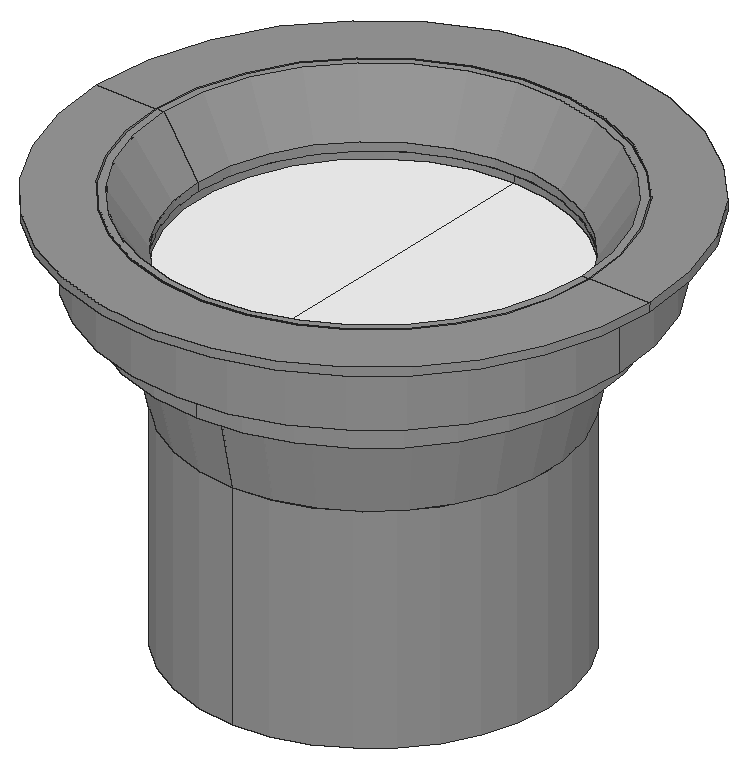
Revit family "0005335", category Lighting Fixtures, host Face, Revit 2017
Family settings
  Host = Face
  Round Connector Dimension = Use Diameter
  Part Type = Normal
  OmniClass Number = 23.80.70.00
  OmniClass Title = Lighting
  Cut with Voids When Loaded = No
  Light Source = No
  Shared = No
  Room Calculation Point = No
Parameters (values of type "0005335+0005334 Ludospot 111 Hous RND 145 FIXED IP44 WHT + Ludospot 111 3550lm 940 MB")
  Weight = "n/a"
  Wattage Comments = ""
  WarrantyStartDate [instance] = "n/a"
  WarrantyGuarantorParts = "n/a"
  WarrantyDurationUnit = "n/a"
  WarrantyDurationParts = "n/a"
  WarrantyDescription = "n/a"
  Voltage = 0 V
  URL = "http://www.sylvania-lighting.com"
  TypeName = "Ludospot 111 Hous Rnd 145mm Fix IP44 WHT + Ludospot 111 3550lm 940 MB"
  TypeLamp_SYL = Ludospot 111 Modules : 0005334 Ludospot 111 3550lm 940 MB
  Type Image = <None>
  Type Comments = "n/a"
  TrimHeight_SYL = 2 mm
  SerialNumber [instance] = "n/a"
  RecessRadius_SYL = 60 mm
  RecessDepth_SYL = 100 mm
  RadiusTrim_SYL = 67.5 mm
  Material_3_SYL = none
  PowerFactor = 0
  PowerConsumption = "n/a"
  NominalLength = 135 mm
  NominalHeight = 0 mm
  NominalDepth = 135 mm
  Name = "Ludospot 111 Hous Rnd 145mm Fix IP44 WHT + Ludospot 111 3550lm 940 MB"
  ModelReference = Name  # "Ludospot 111 Hous Rnd 145mm Fix IP44 WHT + Ludospot 111 3550lm 940 MB"
  ModelNumber = "0005335+0005334"
  Model = Name  # "Ludospot 111 Hous Rnd 145mm Fix IP44 WHT + Ludospot 111 3550lm 940 MB"
  Material = "aluminium housing"
  ManufacturerName = "Feilo Sylvania"
  Manufacturer = "Feilo Sylvania"
  LuminousEfficacy = "93 lm/W"
  LuminaireType = ""
  LightOutputRatio = "n/a"
  LampsType = Lamp  # "LED"
  LampNominalLuminous = "3550 lm"
  LampMacAdamStep = "n/a"
  LampColourTemperature = "4000 K"
  LampColourRenderingIndex = "90"
  Lamp = "LED"
  Keynote = "16500"
  InstallationDate [instance] = "n/a"
  InputVoltage = "220-240 V AC"
  InputNominalFrequency = "50/60 Hz"
  IngressProtection = "IP44/20"
  ImpactProtectionIndex = "IK03"
  IfcExportType = "IfcLightFixtureType"
  IfcExportAs = "IfcLightFixtureType"
  ElectricShockClassification = "n/a"
  DocumentationLiterature = "http://www.sylvania-lighting.com/product/en-int/products/0005335"
  DimmingControlOptions = "n/a"
  Material_2_SYL = none
  Description = ""
  Default Elevation = 1219.2 mm
  CreatedOn = "7/29/2019"
  CreatedBy = "@sylvania-lighting.com"
  Cost = 0
  built-in parameter 1114216 [instance] = (empty or 0)
  ClassificationValue = "EF_70_80"
  ClassificationName = "Uniclass2015"
  Material_1_SYL = PC/ABS Plastic
  BarCode [instance] = "n/a"
  AssetType = "Fixed"
  AssetIdentifier [instance] = "n/a"
  Assembly Code = "D5020200"
  Apparent Load = 0 VA
  Material_4_SYL = none
Types (4, lengths in mm): name | TypeName | TypeLamp_SYL | Name | ModelReference | ModelNumber | Model | LuminousEfficacy | LampNominalLuminous | LampColourTemperature
  0005335+0005334 Ludospot 111 Hous RND 145 FIXED IP44 WHT + Ludospot 111 3550lm 940 MB | "Ludospot 111 Hous Rnd 145mm Fix IP44 WHT + Ludospot 111 3550lm 940 MB" | Ludospot 111 Modules : 0005334 Ludospot 111 3550lm 940 MB | "Ludospot 111 Hous Rnd 145mm Fix IP44 WHT + Ludospot 111 3550lm 940 MB" | "Ludospot 111 Hous Rnd 145mm Fix IP44 WHT + Ludospot 111 3550lm 940 MB" | "0005335+0005334" | "Ludospot 111 Hous Rnd 145mm Fix IP44 WHT + Ludospot 111 3550lm 940 MB" | "93 lm/W" | "3550 lm" | "4000 K"
  0005335+0005333 Ludospot 111 Hous RND 145 FIXED IP44 WHT + Ludospot 111 3500lm 930 MB | "Ludospot 111 Hous Rnd 145mm Fix IP44 WHT + Ludospot 111 3500lm 930 MB" | Ludospot 111 Modules : 0005333 Ludospot 111 3500lm 930 MB | "Ludospot 111 Hous Rnd 145mm Fix IP44 WHT + Ludospot 111 3500lm 930 MB" | "Ludospot 111 Hous Rnd 145mm Fix IP44 WHT + Ludospot 111 3500lm 930 MB" | "0005335+0005333" | "Ludospot 111 Hous Rnd 145mm Fix IP44 WHT + Ludospot 111 3500lm 930 MB" | "92 lm/W" | "3500 lm" | "3000 K"
  0005335+0005332 Ludospot 111 Hous RND 145 FIXED IP44 WHT + Ludospot 111 2225lm 940 MB | "Ludospot 111 Hous Rnd 145mm Fix IP44 WHT + Ludospot 111 2225lm 940 MB" | Ludospot 111 Modules : 0005332 Ludospot 111 2225lm 940 MB | "Ludospot 111 Hous Rnd 145mm Fix IP44 WHT + Ludospot 111 2225lm 940 MB" | "Ludospot 111 Hous Rnd 145mm Fix IP44 WHT + Ludospot 111 2225lm 940 MB" | "0005335+0005332" | "Ludospot 111 Hous Rnd 145mm Fix IP44 WHT + Ludospot 111 2225lm 940 MB" | "93 lm/W" | "2225 lm" | "4000 K"
  0005335+0005331 Ludospot 111 Hous RND 145 FIXED IP44 WHT + Ludospot 111 2025lm 930 MB | "Ludospot 111 Hous Rnd 145mm Fix IP44 WHT + Ludospot 111 2025lm 930 MB" | Ludospot 111 Modules : 0005331 Ludospot 111 2025lm 930 MB | "Ludospot 111 Hous Rnd 145mm Fix IP44 WHT + Ludospot 111 2025lm 930 MB" | "Ludospot 111 Hous Rnd 145mm Fix IP44 WHT + Ludospot 111 2025lm 930 MB" | "0005335+0005331" | "Ludospot 111 Hous Rnd 145mm Fix IP44 WHT + Ludospot 111 2025lm 930 MB" | "84 lm/W" | "2025 lm" | "3000 K"
Reference planes
  plane 1 "Center (Front/Back)": y = 0
  plane 2: z = 0
  plane 3 "Center (Left/Right)": x = 0
  plane 4: x = -60
  plane 5: z = -100
  plane 6: x = -67.5
  plane 7: z = 2
  plane 8: x = -53
  plane 9: x = -56
  plane 10: z = -16
  plane 11: x = -51
  plane 12: x = -52.6
  plane 13: x = -42.8
  plane 14: z = -10.6
  plane 15: z = -12.6
  plane 16: x = -55
Forms (mm)
  Revolve 1, void
    sketch origin (0, 0, 0) x (1, 0, 0) y (0, 0, 1)
      loop
        line (0, 0) -> (-60, 0) -> (-60, -100) -> (0, -100) -> (0, 0)
      axis (0, 0) -> (0, -100)
    angle from 360 to 0
  Revolve 2, solid, material "PC/ABS Plastic" <- "Material_1_SYL"
    sketch origin (0, 0, 0) x (1, 0, 0) y (0, 0, 1)
      loop
        line (-67.5, 2) -> (-67.5, 0) -> (-60, 0) -> (-60, -16) -> (-56, -16) -> (-56, 0) -> (-53, 0) -> (-53, 2) -> (-67.5, 2)
      axis (0, 2) -> (0, -16)
    angle from 360 to 0
  Revolve 3, solid, material "PC/ABS Plastic" <- "Material_1_SYL"
    sketch origin (0, 0, 0) x (1, 0, 0) y (0, 0, 1)
      loop
        line (-42.8, -10.6) -> (-51, 2) -> (-52.6, 2) -> (-52.6, 0) -> (-55, 0) -> (-55, -12.6) -> (-42.8, -12.6) -> (-42.8, -10.6)
      axis (0, 2) -> (0, -12.6)
    angle from 360 to 0
Dimensions and locks
  equal spacing: host sketch curve, plane 1 "Center (Front/Back)", host sketch curve
  equal spacing: host sketch curve, plane 3 "Center (Left/Right)", host sketch curve
  "RecessRadius_SYL": plane 3 "Center (Left/Right)" to plane 4
  "RecessDepth_SYL": plane 2 to plane 5
  "RadiusTrim_SYL": plane 3 "Center (Left/Right)" to plane 6
  "TrimHeight_SYL": plane 7 to plane 2
  locked: plane 3 "Center (Left/Right)" to plane 8 at 53
  locked: plane 3 "Center (Left/Right)" to plane 9 at 56
  locked: plane 2 to plane 10 at 16
  locked: plane 3 "Center (Left/Right)" to plane 11 at 51
  locked: plane 11 to plane 12 at 1.6
  locked: plane 3 "Center (Left/Right)" to plane 13 at 42.8
  locked: plane 7 to plane 14 at 12.6
  locked: plane 14 to plane 15 at 2
  locked: plane 13 to plane 16 at 12.2
  aligned and locked: plane 2 to host face
  aligned and locked: level to host face
  aligned and locked: Revolve 1 sketch curve to plane 3 "Center (Left/Right)"
  aligned and locked: host face to Revolve 1 sketch curve
  aligned and locked: plane 3 "Center (Left/Right)" to Revolve 1 sketch curve
  aligned and locked: Revolve 1 sketch curve to plane 4
  aligned and locked: plane 5 to Revolve 1 sketch curve
  aligned and locked: Revolve 2 sketch curve to plane 6
  aligned and locked: plane 7 to Revolve 2 sketch curve
  aligned and locked: Revolve 2 sketch curve to plane 8
  aligned and locked: plane 9 to Revolve 2 sketch curve  (x2)
  aligned and locked: level to Revolve 2 sketch curve
  aligned and locked: Revolve 2 sketch curve to level
  aligned and locked: Revolve 2 sketch curve to plane 4
  aligned and locked: Revolve 2 sketch curve to plane 3 "Center (Left/Right)"
  aligned and locked: plane 10 to Revolve 2 sketch curve
  aligned and locked: Revolve 3 sketch curve to plane 3 "Center (Left/Right)"
  aligned and locked: plane 14 to Revolve 3 sketch curve
  aligned and locked: plane 15 to Revolve 3 sketch curve  (x2)
  aligned and locked: Revolve 3 sketch curve to plane 13
  aligned and locked: plane 11 to Revolve 3 sketch curve
  aligned and locked: Revolve 3 sketch curve to plane 7
  aligned and locked: Revolve 3 sketch curve to plane 12
  aligned and locked: level to Revolve 3 sketch curve
  aligned and locked: Revolve 3 sketch curve to plane 16
  aligned and locked: plane 3 "Center (Left/Right)" to nested 1
  aligned and locked: nested 1 to plane 1 "Center (Front/Back)"
Automatic sketch dimensions
  plane 5 to Revolve 1 sketch curve = 509.6 mm
  Revolve 1 sketch curve to Revolve 1 sketch curve = 2609.058 mm
  plane 5 to Revolve 2 sketch curve = 509.6 mm
  Revolve 2 sketch curve to plane 7 = 2607.058 mm
  plane 5 to Revolve 3 sketch curve = 509.6 mm
  Revolve 3 sketch curve to plane 7 = 2607.058 mm
Nested families
  nested 1: "Ludospot 111 Modules" at (0, 0, -12.6) x (0, 1, 0) z (0, 0, 1), type <- "TypeLamp_SYL", type "0005334 Ludospot 111 3550lm 940 MB"
    with WarrantyStartDate "n/a", SerialNumber "n/a", InstallationDate "n/a", built-in parameter 1114216 (empty or 0), BarCode "n/a", AssetIdentifier "n/a"
Definition of nested family "Ludospot 111 Modules"
  Parameters (values of type "0005331 Ludospot 111 2025lm 930 MB")
    Weight = "n/a"
    Wattage Comments = ""
    Wattage = 24 W
    WarrantyStartDate [instance] = "n/a"
    WarrantyGuarantorParts = "n/a"
    WarrantyDurationUnit = "n/a"
    WarrantyDurationParts = "n/a"
    WarrantyDescription = "n/a"
    built-in parameter 1150110 = 1 (stored number, unit not read)
    Voltage = 230 V
    URL = "http://www.sylvania-lighting.com"
    TypeName = "Ludospot 111 2025lm 930 MB"
    Type Image = (empty or 0)
    Type Comments = "n/a"
    built-in parameter 1114217 = 1 (stored number, unit not read)
    Tilt Angle = -90.00°
    built-in parameter 1150109 = 1 (stored number, unit not read)
    built-in parameter 1150134 = (empty or 0)
    built-in parameter 1150113 = 1 (stored number, unit not read)
    SlopeHeight_SYL = if(S_SYL, 30 mm, 20 mm)  # 30 mm
    SerialNumber [instance] = "n/a"
    S_SYL = yes
    RingHeight_SYL = if(S_SYL, 2.6 mm, 3.6 mm)  # 2.6 mm
    Radius_SYL = 55.5 mm
    RadiusDiff_SYL = 42.8 mm
    Radius4_SYL = if(S_SYL, 52 mm, 47.4 mm)  # 52 mm
    Radius3_SYL = 53.8 mm
    Radius2_SYL = 52.4 mm
    Photometric Web File = "0005331.ies"
    Material_3_SYL = none
    PowerFactor = 0.9
    PowerConsumption = "24 W"
    NominalLength = 111 mm
    NominalHeight = 43 mm
    NominalDepth = 111 mm
    Name = "Ludospot 111 2025lm 930 MB"
    ModelReference = Name  # "Ludospot 111 2025lm 930 MB"
    ModelNumber = "0005331"
    Model = Name  # "Ludospot 111 2025lm 930 MB"
    Material = "aluminium housing"
    ManufacturerName = "Feilo Sylvania"
    Manufacturer = "Feilo Sylvania"
    LuminousEfficacy = "84 lm/W"
    built-in parameter 1150105 = 160.43 (stored number, unit not read)
    Lumens = 2016 lm
    LuminaireType = ""
    built-in parameter 1150115 = 1 (stored number, unit not read)
    LightOutputRatio = "n/a"
    built-in parameter 1150137 = (empty or 0)
    built-in parameter 1150139 = (empty or 0)
    LampsType = Lamp  # "LED"
    LampNominalLuminous = "2025 lm"
    LampMacAdamStep = "3"
    LampColourTemperature = "3000 K"
    LampColourRenderingIndex = "90"
    built-in parameter 1150112 = 1 (stored number, unit not read)
    built-in parameter 1150114 = 1 (stored number, unit not read)
    Lamp = "LED"
    Keynote = "16500"
    InstallationDate [instance] = "n/a"
    InputVoltage = "220-240 V AC"
    InputNominalFrequency = "50/60 Hz"
    built-in parameter 1150132 = (empty or 0)
    built-in parameter 1150102 = (empty or 0)
    built-in parameter 1150107 = 3000 (stored number, unit not read)
    built-in parameter 1150138 = (empty or 0)
    IngressProtection = "IP20"
    ImpactProtectionIndex = "IK03"
    built-in parameter 1150106 = 1.6043 (stored number, unit not read)
    IfcExportType = "IfcLightFixtureType"
    IfcExportAs = "IfcLightFixtureType"
    Height_SYL = if(S_SYL, 42.6 mm, 82.5 mm)  # 42.6 mm
    Emit from Circle Diameter = RadiusDiff_SYL * 2  # 85.6 mm
    Emit Shape Visible in Rendering = no
    ElectricShockClassification = "Class II"
    built-in parameter 1150104 = 7.8039 (stored number, unit not read)
    DocumentationLiterature = "http://www.sylvania-lighting.com/product/en-int/products/0005331"
    DimmingControlOptions = "n/a"
    Material_2_SYL = none
    Dimming Lamp Color Temperature Shift = (empty or 0)
    Description = ""
    Default Elevation = 1219.2 mm
    CreatedOn = "7/29/2019"
    CreatedBy = "@sylvania-lighting.com"
    Cost = 0
    Color Filter = 16777215
    built-in parameter 1114216 [instance] = (empty or 0)
    ClassificationValue = "EF_70_80"
    ClassificationName = "Uniclass2015"
    Material_1_SYL = none
    BarCode [instance] = "n/a"
    built-in parameter 1114218 = 1 (stored number, unit not read)
    built-in parameter 1150133 = 10 (stored number, unit not read)
    AssetType = "Fixed"
    AssetIdentifier [instance] = "n/a"
    Assembly Code = "D5020200"
    Apparent Load = 24 VA
    Material_4_SYL = none
  Types (4, lengths in mm): name | Wattage | TypeName | built-in parameter 1150134 | SlopeHeight_SYL | S_SYL | RingHeight_SYL | Radius4_SYL | Photometric Web File | PowerConsumption | NominalHeight | Name | ModelReference | ModelNumber | Model | LuminousEfficacy | built-in parameter 1150105 | Lumens | LampNominalLuminous | LampColourTemperature | built-in parameter 1150107 | built-in parameter 1150106 | Height_SYL | built-in parameter 1150104 | DocumentationLiterature | Apparent Load
    0005334 Ludospot 111 3550lm 940 MB | 38 W | "Ludospot 111 3550lm 940 MB" | 12 | 20 | no | 3.6 | 47.4 | "0005334.ies" | "38 W" | 80 | "Ludospot 111 3550lm 940 MB" | "Ludospot 111 3550lm 940 MB" | "0005334" | "Ludospot 111 3550lm 940 MB" | "93 lm/W" | 281.23 (stored number, unit not read) | 3534 lm | "3550 lm" | "4000 K" | 4000 (stored number, unit not read) | 2.8123 (stored number, unit not read) | 82.5 | 8.64 (stored number, unit not read) | "http://www.sylvania-lighting.com/product/en-int/products/0005334" | 38 VA
    0005333 Ludospot 111 3500lm 930 MB | 38 W | "Ludospot 111 3500lm 930 MB" | (empty or 0) | 20 | no | 3.6 | 47.4 | "0005333.ies" | "38 W" | 80 | "Ludospot 111 3500lm 930 MB" | "Ludospot 111 3500lm 930 MB" | "0005333" | "Ludospot 111 3500lm 930 MB" | "92 lm/W" | 278.2 (stored number, unit not read) | 3496 lm | "3500 lm" | "3000 K" | 3000 (stored number, unit not read) | 2.782 (stored number, unit not read) | 82.5 | 8.5471 (stored number, unit not read) | "http://www.sylvania-lighting.com/product/en-int/products/0005333" | 38 VA
    0005332 Ludospot 111 2225lm 940 MB | 24 W | "Ludospot 111 2225lm 940 MB" | 12 | 30 | yes | 2.6 | 52 | "0005332.ies" | "24 W" | 43 | "Ludospot 111 2225lm 940 MB" | "Ludospot 111 2225lm 940 MB" | "0005332" | "Ludospot 111 2225lm 940 MB" | "93 lm/W" | 177.62 (stored number, unit not read) | 2232 lm | "2225 lm" | "4000 K" | 4000 (stored number, unit not read) | 1.7762 (stored number, unit not read) | 42.6 | 8.64 (stored number, unit not read) | "http://www.sylvania-lighting.com/product/en-int/products/0005332" | 24 VA
    0005331 Ludospot 111 2025lm 930 MB | 24 W | "Ludospot 111 2025lm 930 MB" | (empty or 0) | 30 | yes | 2.6 | 52 | "0005331.ies" | "24 W" | 43 | "Ludospot 111 2025lm 930 MB" | "Ludospot 111 2025lm 930 MB" | "0005331" | "Ludospot 111 2025lm 930 MB" | "84 lm/W" | 160.43 (stored number, unit not read) | 2016 lm | "2025 lm" | "3000 K" | 3000 (stored number, unit not read) | 1.6043 (stored number, unit not read) | 42.6 | 7.8039 (stored number, unit not read) | "http://www.sylvania-lighting.com/product/en-int/products/0005331" | 24 VA
  Reference planes
    plane 1 "Center (Front/Back)": y = 0
    plane 2: z = 0
    plane 3 "Center (Left/Right)": x = 0
    plane 4: x = -55.5
    plane 5: z = -4.35
    plane 6: x = -52.4
    plane 7: z = -9.75
    plane 8: x = -42.8
    plane 9: z = -1.75
    plane 10: x = -53.8
    plane 11: x = -52
    plane 12: z = -39.75
    plane 13: z = 40.75
    plane 14: z = -42.6
  Forms (mm)
    Extrusion 1, solid
      sketch origin (1119.2, -1119.2, 0) x (1, 0, 0) y (0, 1, 0)
        loop
          line (-1219.2, 1219.2) -> (-1219.2, 1019.2) -> (-1019.2, 1019.2) -> (-1019.2, 1219.2) -> (-1219.2, 1219.2)
      from 0 to -10
    Revolve 2, solid, material <- "Material_1_SYL"
      sketch origin (0, 0, 0) x (1, 0, 0) y (0, 0, 1)
        loop
          line (0, -1.75) -> (-42.8, -1.75) -> (-42.8, 0) -> (-52.4, 0) -> (-52.4, -1.75) -> (-55.5, -1.75) -> (-55.5, -4.35) -> (-53.8, -4.35) -> (-53.8, -9.75) -> (-52, -9.75) -> (-42.8, -39.75) -> (-42.8, -42.6) -> (0, -42.6) -> (0, -1.75)
        axis (0, 0) -> (0, -42.6)
      angle from 360 to 0
  Dimensions and locks
    "Radius_SYL": plane 3 "Center (Left/Right)" to plane 4
    "Radius2_SYL": plane 3 "Center (Left/Right)" to plane 6
    "RadiusDiff_SYL": plane 3 "Center (Left/Right)" to plane 8
    locked: plane 2 to plane 9 at 1.75
    "RingHeight_SYL": plane 9 to plane 5
    locked: plane 5 to plane 7 at 5.4
    "Radius3_SYL": plane 3 "Center (Left/Right)" to plane 10
    "Radius4_SYL": plane 3 "Center (Left/Right)" to plane 11
    "SlopeHeight_SYL": plane 7 to plane 12
    "Height_SYL": level to plane 14
    aligned and locked: plane 2 to Extrusion 1
    aligned and locked: level to Extrusion 1
    aligned and locked: plane 3 "Center (Left/Right)" to imposter light
    aligned and locked: imposter light to plane 1 "Center (Front/Back)"
    aligned and locked: Revolve 2 sketch curve to plane 9  (x2)
    aligned and locked: plane 8 to Revolve 2 sketch curve
    aligned and locked: level to Revolve 2 sketch curve
    aligned and locked: Revolve 2 sketch curve to plane 6
    aligned and locked: Revolve 2 sketch curve to plane 4
    aligned and locked: plane 5 to Revolve 2 sketch curve
    aligned and locked: plane 7 to Revolve 2 sketch curve
    aligned and locked: plane 10 to Revolve 2 sketch curve
    aligned and locked: plane 12 to Revolve 2 sketch curve
    aligned and locked: Revolve 2 sketch curve to plane 8
    aligned and locked: plane 14 to Revolve 2 sketch curve
    aligned and locked: plane 3 "Center (Left/Right)" to Revolve 2 sketch curve
    aligned and locked: Revolve 2 sketch curve to plane 3 "Center (Left/Right)"
    aligned and locked: imposter light to plane 9
  Automatic sketch dimensions
    Extrusion 1 sketch curve to Extrusion 1 sketch curve = 200 mm  (x2)
    plane 11 to Revolve 2 sketch curve = 0 mm
    plane 14 to Revolve 2 sketch curve = 527.1 mm
    Revolve 2 sketch curve to plane 13 = 2568.308 mm
